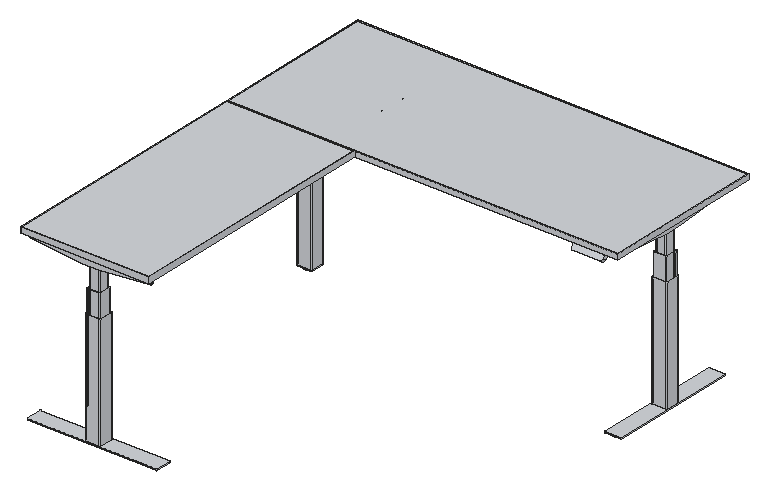
Revit family "Loft Adjustable Ht Desk with Return, Left Hand", category Furniture, Revit 2015 (continued)
Forms (in)
  Extrusion 49, solid, material <- "Metal Hardware", not visible
    sketch origin (0.5, -0.75, 0) x (-1, 0, 0) y (0, -1, 0)
      loop
        line (-57.05322, 0.28974) -> (-57.05322, -1.83624)
        arc (-57.05322, -1.83624) -> (-57.01862, -1.91976) -> (-56.93511, -1.95435) r 0.11811
      loop
        line (7.98529, -1.87254) -> (10.11128, -1.87254)
        arc (10.11128, -1.87254) -> (10.13911, -1.861) -> (10.15065, -1.83317) r 0.03937
        line (10.15065, -1.83317) -> (10.15065, 0.29282)
        arc (10.15065, 0.29282) -> (10.13911, 0.32066) -> (10.11128, 0.33219) r 0.03937
        line (10.11128, 0.33219) -> (7.98529, 0.33219)
        arc (7.98529, 0.33219) -> (7.95745, 0.32066) -> (7.94592, 0.29282) r 0.03937
        line (7.94592, 0.29282) -> (7.94592, -1.83317)
        arc (7.94592, -1.83317) -> (7.95745, -1.861) -> (7.98529, -1.87254) r 0.03937
      loop
        line (7.98529, -1.95128) -> (10.11128, -1.95128)
        arc (10.11128, -1.95128) -> (10.19479, -1.91668) -> (10.22939, -1.83317) r 0.11811
        line (10.22939, -1.83317) -> (10.22939, 0.29282)
        arc (10.22939, 0.29282) -> (10.19479, 0.37633) -> (10.11128, 0.41093) r 0.11811
        line (10.11128, 0.41093) -> (7.98529, 0.41093)
        arc (7.98529, 0.41093) -> (7.90178, 0.37633) -> (7.86718, 0.29282) r 0.11811
        line (7.86718, 0.29282) -> (7.86718, -1.83317)
        arc (7.86718, -1.83317) -> (7.90178, -1.91668) -> (7.98529, -1.95128) r 0.11811
      loop
        line (-0.47318, 57.08323) -> (1.6528, 57.08323)
        arc (1.6528, 57.08323) -> (1.68064, 57.09477) -> (1.69217, 57.1226) r 0.03937
        line (1.69217, 57.1226) -> (1.69217, 59.24859)
        arc (1.69217, 59.24859) -> (1.68064, 59.27643) -> (1.6528, 59.28796) r 0.03937
        line (1.6528, 59.28796) -> (-0.47318, 59.28796)
        arc (-0.47318, 59.28796) -> (-0.50102, 59.27643) -> (-0.51255, 59.24859) r 0.03937
        line (-0.51255, 59.24859) -> (-0.51255, 57.1226)
        arc (-0.51255, 57.1226) -> (-0.50102, 57.09477) -> (-0.47318, 57.08323) r 0.03937
      loop
        line (-0.47318, 57.00449) -> (1.6528, 57.00449)
        arc (1.6528, 57.00449) -> (1.73632, 57.03909) -> (1.77091, 57.1226) r 0.11811
        line (1.77091, 57.1226) -> (1.77091, 59.24859)
        arc (1.77091, 59.24859) -> (1.73632, 59.33211) -> (1.6528, 59.3667) r 0.11811
        line (1.6528, 59.3667) -> (-0.47318, 59.3667)
        arc (-0.47318, 59.3667) -> (-0.5567, 59.33211) -> (-0.59129, 59.24859) r 0.11811
        line (-0.59129, 59.24859) -> (-0.59129, 57.1226)
        arc (-0.59129, 57.1226) -> (-0.5567, 57.03909) -> (-0.47318, 57.00449) r 0.11811
    from 6.20276 to 25.49409
  Extrusion 50, solid, material <- "Metal Hardware", not visible
    sketch origin (0.5, -0.75, 0) x (-1, 0, 0) y (0, -1, 0)
      loop
        arc (-55.08471, -1.7575) -> (-54.94552, -1.69985) -> (-54.88786, -1.56065) r 0.19685
        line (-54.88786, -1.56065) -> (-54.88786, 0.01415)
        arc (-54.88786, 0.01415) -> (-54.94552, 0.15335) -> (-55.08471, 0.211) r 0.19685
        line (-55.08471, 0.211) -> (-56.65952, 0.211)
        arc (-56.65952, 0.211) -> (-56.79871, 0.15335) -> (-56.85637, 0.01415) r 0.19685
        line (-56.85637, 0.01415) -> (-56.85637, -1.56065)
        arc (-56.85637, -1.56065) -> (-56.79871, -1.69985) -> (-56.65952, -1.7575) r 0.19685
        line (-56.65952, -1.7575) -> (-55.08471, -1.7575)
      loop
        arc (-55.08471, -1.67876) -> (-55.0012, -1.64417) -> (-54.9666, -1.56065) r 0.11811
        line (-54.9666, -1.56065) -> (-54.9666, 0.01415)
        arc (-54.9666, 0.01415) -> (-55.0012, 0.09767) -> (-55.08471, 0.13226) r 0.11811
        line (-55.08471, 0.13226) -> (-56.65952, 0.13226)
        arc (-56.65952, 0.13226) -> (-56.74303, 0.09767) -> (-56.77763, 0.01415) r 0.11811
        line (-56.77763, 0.01415) -> (-56.77763, -1.56065)
        arc (-56.77763, -1.56065) -> (-56.74303, -1.64417) -> (-56.65952, -1.67876) r 0.11811
        line (-56.65952, -1.67876) -> (-55.08471, -1.67876)
      loop
        arc (9.83569, -1.75443) -> (9.97488, -1.69677) -> (10.03254, -1.55758) r 0.19685
        line (10.03254, -1.55758) -> (10.03254, 0.01723)
        arc (10.03254, 0.01723) -> (9.97488, 0.15642) -> (9.83569, 0.21408) r 0.19685
        line (9.83569, 0.21408) -> (8.26088, 0.21408)
        arc (8.26088, 0.21408) -> (8.12169, 0.15642) -> (8.06403, 0.01723) r 0.19685
        line (8.06403, 0.01723) -> (8.06403, -1.55758)
        arc (8.06403, -1.55758) -> (8.12169, -1.69677) -> (8.26088, -1.75443) r 0.19685
        line (8.26088, -1.75443) -> (9.83569, -1.75443)
      loop
        arc (9.83569, -1.67569) -> (9.9192, -1.64109) -> (9.9538, -1.55758) r 0.11811
        line (9.9538, -1.55758) -> (9.9538, 0.01723)
        arc (9.9538, 0.01723) -> (9.9192, 0.10074) -> (9.83569, 0.13534) r 0.11811
        line (9.83569, 0.13534) -> (8.26088, 0.13534)
        arc (8.26088, 0.13534) -> (8.17737, 0.10074) -> (8.14277, 0.01723) r 0.11811
        line (8.14277, 0.01723) -> (8.14277, -1.55758)
        arc (8.14277, -1.55758) -> (8.17737, -1.64109) -> (8.26088, -1.67569) r 0.11811
        line (8.26088, -1.67569) -> (9.83569, -1.67569)
      loop
        arc (1.37721, 57.20134) -> (1.5164, 57.259) -> (1.57406, 57.3982) r 0.19685
        line (1.57406, 57.3982) -> (1.57406, 58.973)
        arc (1.57406, 58.973) -> (1.5164, 59.11219) -> (1.37721, 59.16985) r 0.19685
        line (1.37721, 59.16985) -> (-0.19759, 59.16985)
        arc (-0.19759, 59.16985) -> (-0.33679, 59.11219) -> (-0.39444, 58.973) r 0.19685
        line (-0.39444, 58.973) -> (-0.39444, 57.3982)
        arc (-0.39444, 57.3982) -> (-0.33679, 57.259) -> (-0.19759, 57.20134) r 0.19685
        line (-0.19759, 57.20134) -> (1.37721, 57.20134)
      loop
        arc (1.37721, 57.28009) -> (1.46073, 57.31468) -> (1.49532, 57.3982) r 0.11811
        line (1.49532, 57.3982) -> (1.49532, 58.973)
        arc (1.49532, 58.973) -> (1.46073, 59.05652) -> (1.37721, 59.09111) r 0.11811
        line (1.37721, 59.09111) -> (-0.19759, 59.09111)
        arc (-0.19759, 59.09111) -> (-0.28111, 59.05652) -> (-0.3157, 58.973) r 0.11811
        line (-0.3157, 58.973) -> (-0.3157, 57.3982)
        arc (-0.3157, 57.3982) -> (-0.28111, 57.31468) -> (-0.19759, 57.28009) r 0.11811
        line (-0.19759, 57.28009) -> (1.37721, 57.28009)
    from 11.00197 to 29.72244
  Extrusion 51, solid, material <- "Metal Hardware", not visible
    sketch origin (0.5, -0.75, 0) x (-1, 0, 0) y (0, -1, 0)
      loop
        line (-50.08471, -0.84762) -> (-50.08471, 0.64128)
        arc (-50.08471, 0.64128) -> (-50.0997, 0.71661) -> (-50.14237, 0.78047) r 0.19685
        line (-50.14237, 0.78047) -> (-50.42076, 1.05886)
        arc (-50.42076, 1.05886) -> (-50.48462, 1.10153) -> (-50.55995, 1.11651) r 0.19685
        line (-50.55995, 1.11651) -> (-57.08979, 1.11651)
        arc (-57.08979, 1.11651) -> (-57.16512, 1.10153) -> (-57.22898, 1.05886) r 0.19685
        line (-57.22898, 1.05886) -> (-57.50737, 0.78047)
        arc (-57.50737, 0.78047) -> (-57.55004, 0.71661) -> (-57.56503, 0.64128) r 0.19685
        line (-57.56503, 0.64128) -> (-57.56503, -2.18777)
        arc (-57.56503, -2.18777) -> (-57.55004, -2.26311) -> (-57.50737, -2.32697) r 0.19685
        line (-57.50737, -2.32697) -> (-57.22898, -2.60536)
        arc (-57.22898, -2.60536) -> (-57.16512, -2.64803) -> (-57.08979, -2.66301) r 0.19685
        line (-57.08979, -2.66301) -> (-50.55995, -2.66301)
        arc (-50.55995, -2.66301) -> (-50.48462, -2.64803) -> (-50.42076, -2.60536) r 0.19685
        line (-50.42076, -2.60536) -> (-50.14237, -2.32697)
        arc (-50.14237, -2.32697) -> (-50.0997, -2.26311) -> (-50.08471, -2.18777) r 0.19685
        line (-50.08471, -2.18777) -> (-50.08471, -0.84762)
      loop
        arc (3.59385, -2.60536) -> (3.65771, -2.64803) -> (3.73305, -2.66301) r 0.19685
        line (3.73305, -2.66301) -> (10.26288, -2.66301)
        arc (10.26288, -2.66301) -> (10.33821, -2.64803) -> (10.40208, -2.60536) r 0.19685
        line (10.40208, -2.60536) -> (10.68047, -2.32697)
        arc (10.68047, -2.32697) -> (10.72314, -2.26311) -> (10.73812, -2.18777) r 0.19685
        line (10.73812, -2.18777) -> (10.73812, 0.64128)
        arc (10.73812, 0.64128) -> (10.72314, 0.71661) -> (10.68047, 0.78047) r 0.19685
        line (10.68047, 0.78047) -> (10.40208, 1.05886)
        arc (10.40208, 1.05886) -> (10.33821, 1.10153) -> (10.26288, 1.11651) r 0.19685
        line (10.26288, 1.11651) -> (3.73305, 1.11651)
        arc (3.73305, 1.11651) -> (3.65771, 1.10153) -> (3.59385, 1.05886) r 0.19685
        line (3.59385, 1.05886) -> (3.31546, 0.78047)
        arc (3.31546, 0.78047) -> (3.27279, 0.71661) -> (3.25781, 0.64128) r 0.19685
        line (3.25781, 0.64128) -> (3.25781, -0.77325) -> (3.25781, -2.18777)
        arc (3.25781, -2.18777) -> (3.27279, -2.26311) -> (3.31546, -2.32697) r 0.19685
        line (3.31546, -2.32697) -> (3.59385, -2.60536)
      loop
        arc (2.00126, 52.3982) -> (2.07659, 52.41318) -> (2.14045, 52.45585) r 0.19685
        line (2.14045, 52.45585) -> (2.41884, 52.73424)
        arc (2.41884, 52.73424) -> (2.46151, 52.7981) -> (2.4765, 52.87343) r 0.19685
        line (2.4765, 52.87343) -> (2.4765, 59.40327)
        arc (2.4765, 59.40327) -> (2.46151, 59.4786) -> (2.41884, 59.54247) r 0.19685
        line (2.41884, 59.54247) -> (2.14045, 59.82085)
        arc (2.14045, 59.82085) -> (2.07659, 59.86353) -> (2.00126, 59.87851) r 0.19685
        line (2.00126, 59.87851) -> (-0.82779, 59.87851)
        arc (-0.82779, 59.87851) -> (-0.90312, 59.86353) -> (-0.96699, 59.82085) r 0.19685
        line (-0.96699, 59.82085) -> (-1.24538, 59.54247)
        arc (-1.24538, 59.54247) -> (-1.28805, 59.4786) -> (-1.30303, 59.40327) r 0.19685
        line (-1.30303, 59.40327) -> (-1.30303, 52.87343)
        arc (-1.30303, 52.87343) -> (-1.28805, 52.7981) -> (-1.24538, 52.73424) r 0.19685
        line (-1.24538, 52.73424) -> (-0.96699, 52.45585)
        arc (-0.96699, 52.45585) -> (-0.90312, 52.41318) -> (-0.82779, 52.3982) r 0.19685
        line (-0.82779, 52.3982) -> (0.60965, 52.3982) -> (2.00126, 52.3982)
    from 29.72244 to 31.73031
  Extrusion 52, solid, material <- "Metal Hardware", not visible
    sketch origin (0.5, -0.75, 0) x (0, 1, 0) y (0, 0, -1)
      loop
        line (-0.69116, -29.72317) -> (-10.18987, -30.63779)
        arc (-10.18987, -30.63779) -> (-10.44356, -30.76496) -> (-10.54583, -31.02968) r 0.3937
        line (-10.54583, -31.02968) -> (-10.54583, -31.73031) -> (12.09196, -31.73031) -> (12.09196, -31.02968)
        arc (12.09196, -31.02968) -> (11.98969, -30.76496) -> (11.736, -30.63779) r 0.3937
        line (11.736, -30.63779) -> (2.23729, -29.72317) -> (-0.69116, -29.72317)
    from -57.66345 to -56.20676
  Extrusion 53, void, not visible
    sketch origin (0.5, -11.29583, 31.02968) x (0, 0, -1) y (-1, 0, 0)
      loop
        line (-0.60221, -57.56503) -> (1.85316, -57.56503) -> (1.85316, -56.08865) -> (-0.60221, -56.08865) -> (-0.60221, -57.56503)
    from 0 to 24.89905
  Extrusion 54, solid, not visible
    sketch origin (-0.85961, -3.06348, 0) x (1, 0, 0) y (0, 0, -1)
      loop
        line (-0.69116, -29.72317) -> (-10.18987, -30.63779)
        arc (-10.18987, -30.63779) -> (-10.44356, -30.76496) -> (-10.54583, -31.02968) r 0.3937
        line (-10.54583, -31.02968) -> (-10.54583, -31.73031) -> (12.09196, -31.73031) -> (12.09196, -31.02968)
        arc (12.09196, -31.02968) -> (11.98969, -30.76496) -> (11.736, -30.63779) r 0.3937
        line (11.736, -30.63779) -> (2.23729, -29.72317) -> (-0.69116, -29.72317)
    from -57.66345 to -56.20676
  Extrusion 55, void, not visible
    sketch origin (-11.40544, -3.06348, 31.02968) x (0, 0, -1) y (0, 1, 0)
      loop
        line (-0.60221, -57.56503) -> (1.85316, -57.56503) -> (1.85316, -56.08865) -> (-0.60221, -56.08865) -> (-0.60221, -57.56503)
    from 0 to 22.6378
  Extrusion 56, solid, material <- "Metal Hardware", not visible
    sketch origin (11.58471, -62.1482, 31.73031) x (-1, 0, 0) y (0, 0, 1)
      loop
        line (8.97441, -0.03937) -> (8.97441, -1.53543)
        arc (8.97441, -1.53543) -> (8.98594, -1.56327) -> (9.01378, -1.5748) r 0.03937
        line (9.01378, -1.5748) -> (9.72244, -1.5748)
        arc (9.72244, -1.5748) -> (9.75028, -1.56327) -> (9.76181, -1.53543) r 0.03937
        line (9.76181, -1.53543) -> (9.76181, -0.03937)
        arc (9.76181, -0.03937) -> (9.75028, -0.01153) -> (9.72244, 0) r 0.03937
        line (9.72244, 0) -> (9.01378, 0)
        arc (9.01378, 0) -> (8.98594, -0.01153) -> (8.97441, -0.03937) r 0.03937
      loop
        line (9.68307, -0.07874) -> (9.05315, -0.07874) -> (9.05315, -1.49606) -> (9.68307, -1.49606) -> (9.68307, -0.07874)
      loop
        line (13.58071, -0.03937) -> (13.58071, -1.53543)
        arc (13.58071, -1.53543) -> (13.59224, -1.56327) -> (13.62008, -1.5748) r 0.03937
        line (13.62008, -1.5748) -> (14.32874, -1.5748)
        arc (14.32874, -1.5748) -> (14.35658, -1.56327) -> (14.36811, -1.53543) r 0.03937
        line (14.36811, -1.53543) -> (14.36811, -0.03937)
        arc (14.36811, -0.03937) -> (14.35658, -0.01153) -> (14.32874, 0) r 0.03937
        line (14.32874, 0) -> (13.62008, 0)
        arc (13.62008, 0) -> (13.59224, -0.01153) -> (13.58071, -0.03937) r 0.03937
      loop
        line (14.28937, -0.07874) -> (13.65945, -0.07874) -> (13.65945, -1.49606) -> (14.28937, -1.49606) -> (14.28937, -0.07874)
    from 1.79528 to 24.75842
  Extrusion 57, solid, material <- "Metal Hardware", not visible
    sketch origin (11.58471, -37.38977, 31.73031) x (-1, 0, 0) y (0, 0, 1)
      loop
        line (9.15157, -1.24016) -> (9.54528, -1.24016)
        arc (9.54528, -1.24016) -> (9.61487, -1.21133) -> (9.6437, -1.14173) r 0.09843
        line (9.6437, -1.14173) -> (9.6437, -0.15748)
        arc (9.6437, -0.15748) -> (9.61487, -0.08788) -> (9.54528, -0.05906) r 0.09843
        line (9.54528, -0.05906) -> (9.15157, -0.05906)
        arc (9.15157, -0.05906) -> (9.08198, -0.08788) -> (9.05315, -0.15748) r 0.09843
        line (9.05315, -0.15748) -> (9.05315, -1.14173)
        arc (9.05315, -1.14173) -> (9.08198, -1.21133) -> (9.15157, -1.24016) r 0.09843
      loop
        arc (9.54528, -1.1811) -> (9.57311, -1.16957) -> (9.58465, -1.14173) r 0.03937
        line (9.58465, -1.14173) -> (9.58465, -0.15748)
        arc (9.58465, -0.15748) -> (9.57311, -0.12964) -> (9.54528, -0.11811) r 0.03937
        line (9.54528, -0.11811) -> (9.15157, -0.11811)
        arc (9.15157, -0.11811) -> (9.12374, -0.12964) -> (9.1122, -0.15748) r 0.03937
        line (9.1122, -0.15748) -> (9.1122, -1.14173)
        arc (9.1122, -1.14173) -> (9.12374, -1.16957) -> (9.15157, -1.1811) r 0.03937
        line (9.15157, -1.1811) -> (9.54528, -1.1811)
      loop
        line (13.79724, -1.24016) -> (14.19094, -1.24016)
        arc (14.19094, -1.24016) -> (14.26054, -1.21133) -> (14.28937, -1.14173) r 0.09843
        line (14.28937, -1.14173) -> (14.28937, -0.15748)
        arc (14.28937, -0.15748) -> (14.26054, -0.08788) -> (14.19094, -0.05906) r 0.09843
        line (14.19094, -0.05906) -> (13.79724, -0.05906)
        arc (13.79724, -0.05906) -> (13.72765, -0.08788) -> (13.69882, -0.15748) r 0.09843
        line (13.69882, -0.15748) -> (13.69882, -1.14173)
        arc (13.69882, -1.14173) -> (13.72765, -1.21133) -> (13.79724, -1.24016) r 0.09843
      loop
        arc (14.19094, -1.1811) -> (14.21878, -1.16957) -> (14.23031, -1.14173) r 0.03937
        line (14.23031, -1.14173) -> (14.23031, -0.15748)
        arc (14.23031, -0.15748) -> (14.21878, -0.12964) -> (14.19094, -0.11811) r 0.03937
        line (14.19094, -0.11811) -> (13.79724, -0.11811)
        arc (13.79724, -0.11811) -> (13.76941, -0.12964) -> (13.75787, -0.15748) r 0.03937
        line (13.75787, -0.15748) -> (13.75787, -1.14173)
        arc (13.75787, -1.14173) -> (13.76941, -1.16957) -> (13.79724, -1.1811) r 0.03937
        line (13.79724, -1.1811) -> (14.19094, -1.1811)
    from -14.1219 to 22.06244
  Extrusion 58, solid, material <- "Metal Hardware", not visible
    sketch origin (11.66345, -37.03009, 31.73031) x (-1, 0, 0) y (0, 0, -1)
      loop
        arc (9.05315, 0.03937) -> (9.06468, 0.01153) -> (9.09252, 0) r 0.03937
        line (9.09252, 0) -> (9.80118, 0)
        arc (9.80118, 0) -> (9.82902, 0.01153) -> (9.84055, 0.03937) r 0.03937
        line (9.84055, 0.03937) -> (9.84055, 1.53543)
        arc (9.84055, 1.53543) -> (9.82902, 1.56327) -> (9.80118, 1.5748) r 0.03937
        line (9.80118, 1.5748) -> (9.09252, 1.5748)
        arc (9.09252, 1.5748) -> (9.06468, 1.56327) -> (9.05315, 1.53543) r 0.03937
        line (9.05315, 1.53543) -> (9.05315, 0.03937)
      loop
        line (9.76181, 0.07874) -> (9.76181, 1.49606) -> (9.13189, 1.49606) -> (9.13189, 0.07874) -> (9.76181, 0.07874)
      loop
        arc (13.65945, 0.03937) -> (13.67098, 0.01153) -> (13.69882, 0) r 0.03937
        line (13.69882, 0) -> (14.40748, 0)
        arc (14.40748, 0) -> (14.43532, 0.01153) -> (14.44685, 0.03937) r 0.03937
        line (14.44685, 0.03937) -> (14.44685, 1.53543)
        arc (14.44685, 1.53543) -> (14.43532, 1.56327) -> (14.40748, 1.5748) r 0.03937
        line (14.40748, 1.5748) -> (13.69882, 1.5748)
        arc (13.69882, 1.5748) -> (13.67098, 1.56327) -> (13.65945, 1.53543) r 0.03937
        line (13.65945, 1.53543) -> (13.65945, 0.03937)
      loop
        line (14.36811, 0.07874) -> (14.36811, 1.49606) -> (13.73819, 1.49606) -> (13.73819, 0.07874) -> (14.36811, 0.07874)
    from -34.15945 to -14.47441
  Extrusion 59, solid, material <- "Metal Hardware", not visible
    sketch origin (16.54337, -11.72667, 31.73031) x (0, 1, 0) y (0, 0, -1)
      loop
        arc (9.05315, 0.03937) -> (9.06468, 0.01153) -> (9.09252, 0) r 0.03937
        line (9.09252, 0) -> (9.80118, 0)
        arc (9.80118, 0) -> (9.82902, 0.01153) -> (9.84055, 0.03937) r 0.03937
        line (9.84055, 0.03937) -> (9.84055, 1.53543)
        arc (9.84055, 1.53543) -> (9.82902, 1.56327) -> (9.80118, 1.5748) r 0.03937
        line (9.80118, 1.5748) -> (9.09252, 1.5748)
        arc (9.09252, 1.5748) -> (9.06468, 1.56327) -> (9.05315, 1.53543) r 0.03937
        line (9.05315, 1.53543) -> (9.05315, 0.03937)
      loop
        line (9.76181, 0.07874) -> (9.76181, 1.49606) -> (9.13189, 1.49606) -> (9.13189, 0.07874) -> (9.76181, 0.07874)
      loop
        arc (13.65945, 0.03937) -> (13.67098, 0.01153) -> (13.69882, 0) r 0.03937
        line (13.69882, 0) -> (14.40748, 0)
        arc (14.40748, 0) -> (14.43532, 0.01153) -> (14.44685, 0.03937) r 0.03937
        line (14.44685, 0.03937) -> (14.44685, 1.53543)
        arc (14.44685, 1.53543) -> (14.43532, 1.56327) -> (14.40748, 1.5748) r 0.03937
        line (14.40748, 1.5748) -> (13.69882, 1.5748)
        arc (13.69882, 1.5748) -> (13.67098, 1.56327) -> (13.65945, 1.53543) r 0.03937
        line (13.65945, 1.53543) -> (13.65945, 0.03937)
      loop
        line (14.36811, 0.07874) -> (14.36811, 1.49606) -> (13.73819, 1.49606) -> (13.73819, 0.07874) -> (14.36811, 0.07874)
    from -41.52165 to -21.83661
  Extrusion 60, solid, material <- "Metal Hardware", not visible
    sketch origin (-12.59048, -11.72667, 31.73031) x (0, 1, 0) y (0, 0, -1)
      loop
        arc (9.05315, 0.03937) -> (9.06468, 0.01153) -> (9.09252, 0) r 0.03937
        line (9.09252, 0) -> (9.80118, 0)
        arc (9.80118, 0) -> (9.82902, 0.01153) -> (9.84055, 0.03937) r 0.03937
        line (9.84055, 0.03937) -> (9.84055, 1.53543)
        arc (9.84055, 1.53543) -> (9.82902, 1.56327) -> (9.80118, 1.5748) r 0.03937
        line (9.80118, 1.5748) -> (9.09252, 1.5748)
        arc (9.09252, 1.5748) -> (9.06468, 1.56327) -> (9.05315, 1.53543) r 0.03937
        line (9.05315, 1.53543) -> (9.05315, 0.03937)
      loop
        line (9.76181, 0.07874) -> (9.76181, 1.49606) -> (9.13189, 1.49606) -> (9.13189, 0.07874) -> (9.76181, 0.07874)
      loop
        arc (13.65945, 0.03937) -> (13.67098, 0.01153) -> (13.69882, 0) r 0.03937
        line (13.69882, 0) -> (14.40748, 0)
        arc (14.40748, 0) -> (14.43532, 0.01153) -> (14.44685, 0.03937) r 0.03937
        line (14.44685, 0.03937) -> (14.44685, 1.53543)
        arc (14.44685, 1.53543) -> (14.43532, 1.56327) -> (14.40748, 1.5748) r 0.03937
        line (14.40748, 1.5748) -> (13.69882, 1.5748)
        arc (13.69882, 1.5748) -> (13.67098, 1.56327) -> (13.65945, 1.53543) r 0.03937
        line (13.65945, 1.53543) -> (13.65945, 0.03937)
      loop
        line (14.36811, 0.07874) -> (14.36811, 1.49606) -> (13.73819, 1.49606) -> (13.73819, 0.07874) -> (14.36811, 0.07874)
    from -22.0374 to -2.35236
  Extrusion 61, solid, material <- "Metal Hardware", not visible
    sketch origin (-4.88583, -11.72736, 31.73031) x (0, 1, 0) y (0, 0, -1)
      loop
        arc (9.23031, 1.24016) -> (9.16072, 1.21133) -> (9.13189, 1.14173) r 0.09843
        line (9.13189, 1.14173) -> (9.13189, 0.15748)
        arc (9.13189, 0.15748) -> (9.16072, 0.08788) -> (9.23031, 0.05906) r 0.09843
        line (9.23031, 0.05906) -> (9.62402, 0.05906)
        arc (9.62402, 0.05906) -> (9.69361, 0.08788) -> (9.72244, 0.15748) r 0.09843
        line (9.72244, 0.15748) -> (9.72244, 1.14173)
        arc (9.72244, 1.14173) -> (9.69361, 1.21133) -> (9.62402, 1.24016) r 0.09843
        line (9.62402, 1.24016) -> (9.23031, 1.24016)
      loop
        line (9.62402, 1.1811) -> (9.23031, 1.1811)
        arc (9.23031, 1.1811) -> (9.20248, 1.16957) -> (9.19094, 1.14173) r 0.03937
        line (9.19094, 1.14173) -> (9.19094, 0.15748)
        arc (9.19094, 0.15748) -> (9.20248, 0.12964) -> (9.23031, 0.11811) r 0.03937
        line (9.23031, 0.11811) -> (9.62402, 0.11811)
        arc (9.62402, 0.11811) -> (9.65185, 0.12964) -> (9.66339, 0.15748) r 0.03937
        line (9.66339, 0.15748) -> (9.66339, 1.14173)
        arc (9.66339, 1.14173) -> (9.65185, 1.16957) -> (9.62402, 1.1811) r 0.03937
      loop
        arc (13.87598, 1.24016) -> (13.80639, 1.21133) -> (13.77756, 1.14173) r 0.09843
        line (13.77756, 1.14173) -> (13.77756, 0.15748)
        arc (13.77756, 0.15748) -> (13.80639, 0.08788) -> (13.87598, 0.05906) r 0.09843
        line (13.87598, 0.05906) -> (14.26969, 0.05906)
        arc (14.26969, 0.05906) -> (14.33928, 0.08788) -> (14.36811, 0.15748) r 0.09843
        line (14.36811, 0.15748) -> (14.36811, 1.14173)
        arc (14.36811, 1.14173) -> (14.33928, 1.21133) -> (14.26969, 1.24016) r 0.09843
        line (14.26969, 1.24016) -> (13.87598, 1.24016)
      loop
        line (14.26969, 1.1811) -> (13.87598, 1.1811)
        arc (13.87598, 1.1811) -> (13.84815, 1.16957) -> (13.83661, 1.14173) r 0.03937
        line (13.83661, 1.14173) -> (13.83661, 0.15748)
        arc (13.83661, 0.15748) -> (13.84815, 0.12964) -> (13.87598, 0.11811) r 0.03937
        line (13.87598, 0.11811) -> (14.26969, 0.11811)
        arc (14.26969, 0.11811) -> (14.29752, 0.12964) -> (14.30906, 0.15748) r 0.03937
        line (14.30906, 0.15748) -> (14.30906, 1.14173)
        arc (14.30906, 1.14173) -> (14.29752, 1.16957) -> (14.26969, 1.1811) r 0.03937
    from -46.26582 to -10.83274
  Extrusion 62, solid, material <- "Metal Hardware", not visible
    sketch origin (11.66345, -52.62064, 31.73031) x (-1, 0, 0) y (0, 0, -1)
      loop
        arc (10.0374, 0.11811) -> (9.98172, 0.14117) -> (9.95866, 0.19685) r 0.07874
        line (9.95866, 0.19685) -> (9.95866, 0.51378) -> (9.84055, 0.51378) -> (9.84055, 0.19685)
        arc (9.84055, 0.19685) -> (9.89821, 0.05766) -> (10.0374, 0) r 0.19685
        line (10.0374, 0) -> (13.4626, 0)
        arc (13.4626, 0) -> (13.60179, 0.05766) -> (13.65945, 0.19685) r 0.19685
        line (13.65945, 0.19685) -> (13.65945, 0.52362) -> (13.54134, 0.52362) -> (13.54134, 0.19685)
        arc (13.54134, 0.19685) -> (13.51828, 0.14117) -> (13.4626, 0.11811) r 0.07874
        line (13.4626, 0.11811) -> (10.0374, 0.11811)
    from -11.67716 to -10.69291
  Extrusion 63, solid, material <- "Metal Hardware", not visible
    sketch origin (11.66345, -27.42136, 31.73031) x (-1, 0, 0) y (0, 0, -1)
      loop
        arc (10.0374, 0.11811) -> (9.98172, 0.14117) -> (9.95866, 0.19685) r 0.07874
        line (9.95866, 0.19685) -> (9.95866, 0.51378) -> (9.84055, 0.51378) -> (9.84055, 0.19685)
        arc (9.84055, 0.19685) -> (9.89821, 0.05766) -> (10.0374, 0) r 0.19685
        line (10.0374, 0) -> (13.4626, 0)
        arc (13.4626, 0) -> (13.60179, 0.05766) -> (13.65945, 0.19685) r 0.19685
        line (13.65945, 0.19685) -> (13.65945, 0.52362) -> (13.54134, 0.52362) -> (13.54134, 0.19685)
        arc (13.54134, 0.19685) -> (13.51828, 0.14117) -> (13.4626, 0.11811) r 0.07874
        line (13.4626, 0.11811) -> (10.0374, 0.11811)
    from -11.67716 to -10.69291
  Extrusion 64, solid, material <- "Metal Hardware", not visible
    sketch origin (0.5, -0.75, 0) x (-1, 0, 0) y (0, -1, 0)
      loop
        arc (-8.1792, 15.84111) -> (-8.2138, 15.92463) -> (-8.29731, 15.95922) r 0.11811
        line (-8.29731, 15.95922) -> (-9.06109, 15.95922)
        arc (-9.06109, 15.95922) -> (-9.14461, 15.92463) -> (-9.1792, 15.84111) r 0.11811
        line (-9.1792, 15.84111) -> (-9.1792, 11.57733)
        arc (-9.1792, 11.57733) -> (-9.14461, 11.49381) -> (-9.06109, 11.45922) r 0.11811
        line (-9.06109, 11.45922) -> (-8.29731, 11.45922)
        arc (-8.29731, 11.45922) -> (-8.2138, 11.49381) -> (-8.1792, 11.57733) r 0.11811
        line (-8.1792, 11.57733) -> (-8.1792, 15.84111)
      loop
        arc (9.35229, 11.57733) -> (9.38689, 11.49381) -> (9.4704, 11.45922) r 0.11811
        line (9.4704, 11.45922) -> (10.23418, 11.45922)
        arc (10.23418, 11.45922) -> (10.3177, 11.49381) -> (10.35229, 11.57733) r 0.11811
        line (10.35229, 11.57733) -> (10.35229, 15.84111)
        arc (10.35229, 15.84111) -> (10.3177, 15.92463) -> (10.23418, 15.95922) r 0.11811
        line (10.23418, 15.95922) -> (9.4704, 15.95922)
        arc (9.4704, 15.95922) -> (9.38689, 15.92463) -> (9.35229, 15.84111) r 0.11811
        line (9.35229, 15.84111) -> (9.35229, 11.57733)
    from 31.63189 to 31.73031
  Extrusion 65, solid, material <- "Metal Hardware", not visible
    sketch origin (11.66345, -33.24859, 31.73031) x (-1, 0, 0) y (0, 0, -1)
      loop
        line (13.54134, 0.45276) -> (9.95866, 0.45276)
        arc (9.95866, 0.45276) -> (9.87514, 0.41816) -> (9.84055, 0.33465) r 0.11811
        line (9.84055, 0.33465) -> (9.84055, -0.01969) -> (9.93898, -0.01969) -> (9.93898, 0.31496)
        arc (9.93898, 0.31496) -> (9.95051, 0.3428) -> (9.97835, 0.35433) r 0.03937
        line (9.97835, 0.35433) -> (13.52165, 0.35433)
        arc (13.52165, 0.35433) -> (13.54949, 0.3428) -> (13.56102, 0.31496) r 0.03937
        line (13.56102, 0.31496) -> (13.56102, -0.01969) -> (13.65945, -0.01969) -> (13.65945, 0.33465)
        arc (13.65945, 0.33465) -> (13.62486, 0.41816) -> (13.54134, 0.45276) r 0.11811
    from -13.44882 to -10.69291
  Extrusion 66, void, not visible
    sketch origin (-1.79914, -33.24859, 31.73031) x (0, 1, 0) y (1, 0, 0)
      loop
        arc (12.34701, 2.73622) -> (12.40728, 2.74821) -> (12.45837, 2.78235) r 0.15748
        arc (12.45837, 2.78235) -> (12.49251, 2.95397) -> (12.34701, 3.05118) r 0.15748
        line (12.34701, 3.05118) -> (10.81102, 3.05118)
        arc (10.81102, 3.05118) -> (10.72751, 3.08577) -> (10.69291, 3.16929) r 0.11811
        line (10.69291, 3.16929) -> (10.29921, 3.16929) -> (10.29921, 0.25591) -> (10.69291, 0.25591)
        arc (10.69291, 0.25591) -> (10.72751, 0.33942) -> (10.81102, 0.37402) r 0.11811
        line (10.81102, 0.37402) -> (12.34701, 0.37402)
        arc (12.34701, 0.37402) -> (12.40728, 0.386) -> (12.45837, 0.42014) r 0.15748
        arc (12.45837, 0.42014) -> (12.49251, 0.59176) -> (12.34701, 0.68898) r 0.15748
        line (12.34701, 0.68898) -> (10.88976, 0.68898) -> (10.69291, 0.76772) -> (10.69291, 2.65748) -> (10.88976, 2.73622) -> (12.34701, 2.73622)
    from 0 to 0.61064
  Extrusion 67, solid, material <- "Metal Hardware", not visible
    sketch origin (17.97448, 11.77306, 31.73031) x (0, -1, 0) y (0, 0, -1)
      loop
        line (13.54134, 0.45276) -> (9.95866, 0.45276)
        arc (9.95866, 0.45276) -> (9.87514, 0.41816) -> (9.84055, 0.33465) r 0.11811
        line (9.84055, 0.33465) -> (9.84055, -0.01969) -> (9.93898, -0.01969) -> (9.93898, 0.31496)
        arc (9.93898, 0.31496) -> (9.95051, 0.3428) -> (9.97835, 0.35433) r 0.03937
        line (9.97835, 0.35433) -> (13.52165, 0.35433)
        arc (13.52165, 0.35433) -> (13.54949, 0.3428) -> (13.56102, 0.31496) r 0.03937
        line (13.56102, 0.31496) -> (13.56102, -0.01969) -> (13.65945, -0.01969) -> (13.65945, 0.33465)
        arc (13.65945, 0.33465) -> (13.62486, 0.41816) -> (13.54134, 0.45276) r 0.11811
    from -13.44882 to -10.69291
  Extrusion 68, void, not visible
    sketch origin (17.97448, -1.68953, 31.73031) x (-1, 0, 0) y (0, 1, 0)
      loop
        arc (12.34701, 2.73622) -> (12.40728, 2.74821) -> (12.45837, 2.78235) r 0.15748
        arc (12.45837, 2.78235) -> (12.49251, 2.95397) -> (12.34701, 3.05118) r 0.15748
        line (12.34701, 3.05118) -> (10.81102, 3.05118)
        arc (10.81102, 3.05118) -> (10.72751, 3.08577) -> (10.69291, 3.16929) r 0.11811
        line (10.69291, 3.16929) -> (10.29921, 3.16929) -> (10.29921, 0.25591) -> (10.69291, 0.25591)
        arc (10.69291, 0.25591) -> (10.72751, 0.33942) -> (10.81102, 0.37402) r 0.11811
        line (10.81102, 0.37402) -> (12.34701, 0.37402)
        arc (12.34701, 0.37402) -> (12.40728, 0.386) -> (12.45837, 0.42014) r 0.15748
        arc (12.45837, 0.42014) -> (12.49251, 0.59176) -> (12.34701, 0.68898) r 0.15748
        line (12.34701, 0.68898) -> (10.88976, 0.68898) -> (10.69291, 0.76772) -> (10.69291, 2.65748) -> (10.88976, 2.73622) -> (12.34701, 2.73622)
    from 0 to 0.61064
  Extrusion 69, solid, material <- "Metal Hardware", not visible
    sketch origin (11.58471, -38.6482, 31.73031) x (-1, 0, 0) y (0, 0, 1)
      loop
        line (9.95866, -0.11811) -> (13.38386, -0.11811)
        arc (13.38386, -0.11811) -> (13.43954, -0.14117) -> (13.4626, -0.19685) r 0.07874
        line (13.4626, -0.19685) -> (13.4626, -0.52362) -> (13.58071, -0.52362) -> (13.58071, -0.19685)
        arc (13.58071, -0.19685) -> (13.52305, -0.05766) -> (13.38386, 0) r 0.19685
        line (13.38386, 0) -> (9.95866, 0)
        arc (9.95866, 0) -> (9.81947, -0.05766) -> (9.76181, -0.19685) r 0.19685
        line (9.76181, -0.19685) -> (9.76181, -0.51378) -> (9.87992, -0.51378) -> (9.87992, -0.19685)
        arc (9.87992, -0.19685) -> (9.90298, -0.14117) -> (9.95866, -0.11811) r 0.07874
    from -11.67716 to -10.69291
Cuts and joins
  Extrusion 13 cuts Extrusion 7
  Extrusion 13 cuts Extrusion 11
  Extrusion 13 cuts Extrusion 12
  Extrusion 13 cuts Extrusion 19
  Extrusion 15 cuts Extrusion 14
  Extrusion 15 cuts Extrusion 16
  Extrusion 26 cuts Extrusion 8
  Extrusion 26 cuts Extrusion 25
  Extrusion 28 cuts Extrusion 27
  Extrusion 31 cuts Extrusion 30
  Extrusion 31 cuts Extrusion 34
  Extrusion 33 cuts Extrusion 32
  Extrusion 36 cuts Extrusion 35
Lines and regions (in)
  sketch lines
    curve 1: line (11.62408, -15.01631, 32.73031) -> (11.62408, -62.18757, 32.73031)
    curve 2: line (11.62408, -62.18757, 32.73031) -> (-11.79718, -62.18757, 32.73031)
    curve 3: line (-11.79718, -62.18757, 32.73031) -> (-11.79718, -15.01631, 32.73031)
    curve 4: line (-11.79718, -15.01631, 32.73031) -> (11.62408, -15.01631, 32.73031)
    curve 5: line (59.62408, -14.93757, 32.73031) -> (-11.79718, -14.93757, 32.73031)
    curve 6: line (-11.79718, -14.93757, 32.73031) -> (-11.79718, 14.98369, 32.73031)
    curve 7: line (-11.79718, 14.98369, 32.73031) -> (59.62408, 14.98369, 32.73031)
    curve 8: line (59.62408, 14.98369, 32.73031) -> (59.62408, -14.93757, 32.73031)
  sketch lines, not visible
    curve 9: line (11.62408, -15.01631, 32.73031) -> (11.62408, -62.18757, 32.73031)
    curve 10: line (11.62408, -62.18757, 32.73031) -> (-11.79718, -62.18757, 32.73031)
    curve 11: line (-11.79718, -62.18757, 32.73031) -> (-11.79718, -15.01631, 32.73031)
    curve 12: line (-11.79718, -15.01631, 32.73031) -> (11.62408, -15.01631, 32.73031)
    curve 13: line (59.62408, -14.93757, 32.73031) -> (-11.79718, -14.93757, 32.73031)
    curve 14: line (-11.79718, -14.93757, 32.73031) -> (-11.79718, 14.98369, 32.73031)
    curve 15: line (-11.79718, 14.98369, 32.73031) -> (59.62408, 14.98369, 32.73031)
    curve 16: line (59.62408, 14.98369, 32.73031) -> (59.62408, -14.93757, 32.73031)
Dimensions and locks (in)
  aligned and locked: level to plane 2
  aligned and locked: profile plane to Sweep 9 sketch curve
  aligned and locked: profile plane to Sweep 10 sketch curve
  aligned and locked: Sweep 10 to Extrusion 11
  aligned and locked: profile plane to Sweep 37 sketch curve
  aligned and locked: profile plane to Sweep 38 sketch curve
